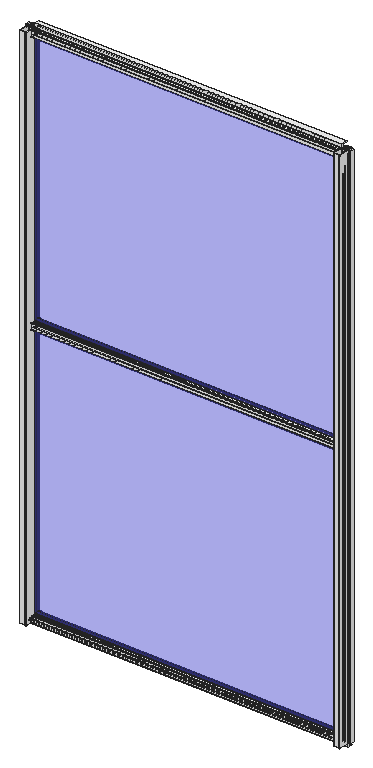
Revit family "Facade_60_Curtain_Wall_S12_Standard", category Windows, host Wall, Revit 2014 (continued)
Definition of nested family "F60 Vertical Profile Side_S12_Std"
  Automatic sketch dimensions
    Extrusion 10 sketch curve to Extrusion 10 sketch curve = 3.2 mm  (x2)
    Extrusion 10 sketch curve to Extrusion 10 sketch curve = 3.031 mm  (x2)
    Extrusion 10 sketch curve to Extrusion 10 sketch curve = 0.6 mm  (x3)
    Extrusion 10 sketch curve to Extrusion 10 sketch curve = 15.584 mm  (x2)
    Extrusion 10 sketch curve to Extrusion 10 sketch curve = 0.808 mm  (x2)
    Extrusion 10 sketch curve to Extrusion 10 sketch curve = 3.038 mm
    Extrusion 10 sketch curve to Extrusion 10 sketch curve = 0.865 mm
    Extrusion 10 sketch curve to Extrusion 10 sketch curve = 1.25 mm  (x5)
    Extrusion 10 sketch curve to Extrusion 10 sketch curve = 0.61 mm
    plane 1 "Center (Front/Back)" to Extrusion 10 sketch curve = 31.288 mm
    Extrusion 10 sketch curve to Extrusion 10 sketch curve = 0.362 mm
    plane 1 "Center (Front/Back)" to Extrusion 10 sketch curve = 31.65 mm
    Extrusion 10 sketch curve to Extrusion 10 sketch curve = 0.962 mm
    Extrusion 10 sketch curve to Extrusion 10 sketch curve = 0.85 mm
    Extrusion 10 sketch curve to Extrusion 10 sketch curve = 0.512 mm  (x2)
    Extrusion 10 sketch curve to Extrusion 10 sketch curve = 0.4 mm  (x2)
    Extrusion 10 sketch curve to Extrusion 10 sketch curve = 1 mm
    Extrusion 10 sketch curve to Extrusion 10 sketch curve = 2.8 mm
    Extrusion 10 sketch curve to Extrusion 10 sketch curve = 0 mm  (x2)
    Extrusion 10 sketch curve to Extrusion 10 sketch curve = 1.4 mm
    Extrusion 10 sketch curve to Extrusion 10 sketch curve = 0.539 mm  (x2)
    plane 1 "Center (Front/Back)" to Extrusion 10 sketch curve = 28.864 mm
    Extrusion 11 sketch curve to plane 3 "Center (Left/Right)" = 0 mm
    plane 3 "Center (Left/Right)" to Extrusion 11 sketch curve = 0.65 mm
    Extrusion 11 sketch curve to Extrusion 11 sketch curve = 0.128 mm  (x2)
    plane 3 "Center (Left/Right)" to Extrusion 11 sketch curve = 1.014 mm
    plane 3 "Center (Left/Right)" to Extrusion 11 sketch curve = 1.05 mm
    Extrusion 11 sketch curve to Extrusion 11 sketch curve = 0.469 mm  (x2)
    Extrusion 11 sketch curve to Extrusion 11 sketch curve = 1.079 mm
    Extrusion 11 sketch curve to Extrusion 11 sketch curve = 1.317 mm  (x2)
    Extrusion 11 sketch curve to Extrusion 11 sketch curve = 0 mm  (x3)
    plane 3 "Center (Left/Right)" to Extrusion 11 sketch curve = 3.85 mm
    Extrusion 11 sketch curve to Extrusion 11 sketch curve = 0.15 mm  (x2)
    Extrusion 11 sketch curve to Extrusion 11 sketch curve = 26 mm  (x2)
    Extrusion 11 sketch curve to Extrusion 11 sketch curve = 1.05 mm
    Extrusion 11 sketch curve to Extrusion 11 sketch curve = 0.707 mm
    Extrusion 11 sketch curve to Extrusion 11 sketch curve = 0.433 mm
    plane 1 "Center (Front/Back)" to Extrusion 11 sketch curve = 31.288 mm
    plane 1 "Center (Front/Back)" to Extrusion 11 sketch curve = 28.065 mm
    Extrusion 11 sketch curve to Extrusion 11 sketch curve = 1.314 mm
    Extrusion 11 sketch curve to Extrusion 11 sketch curve = 0.65 mm
    Extrusion 11 sketch curve to Extrusion 11 sketch curve = 0.5 mm  (x2)
    plane 1 "Center (Front/Back)" to Extrusion 11 sketch curve = 32.75 mm
    Extrusion 11 sketch curve to Extrusion 11 sketch curve = 0.1 mm  (x3)
    Extrusion 11 sketch curve to Extrusion 11 sketch curve = 1.1 mm  (x2)
    Extrusion 11 sketch curve to Extrusion 11 sketch curve = 8.608 mm
    Extrusion 11 sketch curve to Extrusion 11 sketch curve = 0.962 mm
    Extrusion 12 sketch curve to plane 3 "Center (Left/Right)" = 21.349 mm
    Extrusion 12 sketch curve to Extrusion 12 sketch curve = 6.35 mm
    plane 3 "Center (Left/Right)" to Extrusion 12 sketch curve = 10.403 mm
    plane 1 "Center (Front/Back)" to Extrusion 12 sketch curve = 35.567 mm
    plane 1 "Center (Front/Back)" to Extrusion 12 sketch curve = 10.171 mm
    plane 1 "Center (Front/Back)" to Extrusion 12 sketch curve = 3.821 mm
    Extrusion 13 sketch curve to plane 3 "Center (Left/Right)" = 21.35 mm
    Extrusion 13 sketch curve to Extrusion 13 sketch curve = 6.35 mm
    plane 3 "Center (Left/Right)" to Extrusion 13 sketch curve = 10.402 mm
    plane 1 "Center (Front/Back)" to Extrusion 13 sketch curve = 33.172 mm
    plane 1 "Center (Front/Back)" to Extrusion 13 sketch curve = 7.775 mm
    plane 1 "Center (Front/Back)" to Extrusion 13 sketch curve = 1.425 mm
    Extrusion 14 sketch curve to plane 3 "Center (Left/Right)" = 0 mm
    plane 3 "Center (Left/Right)" to Extrusion 14 sketch curve = 1.2 mm
    Extrusion 14 sketch curve to Extrusion 14 sketch curve = 9.6 mm
    Extrusion 14 sketch curve to Extrusion 14 sketch curve = 1.2 mm  (x3)
    plane 1 "Center (Front/Back)" to Extrusion 14 sketch curve = 25.775 mm
    plane 1 "Center (Front/Back)" to Extrusion 14 sketch curve = 8.975 mm
    curve 4 to Extrusion 6 = 0 mm
    curve 3 to Extrusion 6 = 0 mm
    curve 1 to Extrusion 6 = 0 mm
    curve 4 to Extrusion 6 = 3.6 mm
    curve 3 to Extrusion 6 = 3.6 mm
    curve 1 to Extrusion 6 = 3.6 mm
    Extrusion 6 to curve 2 = 1 mm
    Extrusion 6 to curve 5 = 1 mm
    Extrusion 6 to curve 6 = 1 mm
    curve 6 to Extrusion 6 = 1 mm
    curve 5 to Extrusion 6 = 1 mm
    curve 2 to Extrusion 6 = 1 mm
    curve 9 to Extrusion 6 = 0 mm
    curve 8 to Extrusion 6 = 0 mm
    curve 7 to Extrusion 6 = 0 mm
    Extrusion 6 to curve 8 = 3.6 mm
    Extrusion 6 to curve 9 = 3.6 mm
    Extrusion 6 to curve 7 = 3.6 mm
    curve 12 to Extrusion 5 = 25.894 mm
    curve 11 to Extrusion 5 = 25.894 mm
    curve 10 to Extrusion 5 = 25.894 mm
    curve 10 to Extrusion 5 = 0.108 mm
    Extrusion 5 to curve 12 = 0.703 mm
    Extrusion 5 to curve 11 = 0.703 mm
    curve 13 to Extrusion 5 = 4 mm
    curve 14 to Extrusion 5 = 4 mm
    curve 15 to Extrusion 5 = 4 mm
    Extrusion 5 to curve 15 = 0.702 mm
    Extrusion 5 to curve 14 = 0.702 mm
    Extrusion 5 to curve 13 = 0.702 mm
    curve 18 to Extrusion 7 = 0 mm
    curve 17 to Extrusion 7 = 0 mm
    curve 16 to Extrusion 7 = 0 mm
    Extrusion 7 to curve 17 = 3.6 mm
    Extrusion 7 to curve 18 = 3.6 mm
    Extrusion 7 to curve 16 = 3.6 mm
    Extrusion 7 to curve 21 = 1 mm  (x2)
    Extrusion 7 to curve 20 = 1 mm  (x2)
    Extrusion 7 to curve 19 = 1 mm  (x2)
    curve 24 to Extrusion 7 = 0 mm
    curve 23 to Extrusion 7 = 0 mm
    curve 22 to Extrusion 7 = 0 mm
    curve 24 to Extrusion 7 = 3.6 mm
    curve 23 to Extrusion 7 = 3.6 mm
    curve 22 to Extrusion 7 = 3.6 mm
    curve 27 to Extrusion 8 = 0 mm
    curve 26 to Extrusion 8 = 0 mm
    curve 25 to Extrusion 8 = 0 mm
    Extrusion 8 to curve 26 = 3.6 mm
    Extrusion 8 to curve 27 = 3.6 mm
    Extrusion 8 to curve 25 = 3.6 mm
    Extrusion 8 to curve 30 = 0.221 mm
    Extrusion 8 to curve 29 = 0.221 mm
    Extrusion 8 to curve 28 = 0.221 mm
    curve 29 to Extrusion 8 = 0.222 mm
    curve 30 to Extrusion 8 = 0.222 mm
    curve 28 to Extrusion 8 = 0.222 mm
    curve 33 to Extrusion 8 = 0 mm
    curve 32 to Extrusion 8 = 0 mm
    curve 31 to Extrusion 8 = 0 mm
    curve 33 to Extrusion 8 = 3.6 mm
    curve 32 to Extrusion 8 = 3.6 mm
    curve 31 to Extrusion 8 = 3.6 mm
    curve 34 to Extrusion 11 = 4.016 mm
    curve 35 to Extrusion 11 = 4.016 mm
    curve 36 to Extrusion 11 = 3.97 mm
    Extrusion 11 to curve 36 = 0.637 mm
    Extrusion 11 to curve 35 = 0.637 mm
    Extrusion 11 to curve 34 = 0.637 mm
    curve 37 to Extrusion 11 = 29.221 mm
    curve 38 to Extrusion 11 = 29.221 mm
    curve 39 to Extrusion 11 = 29.221 mm
    Extrusion 11 to curve 39 = 3.222 mm
    Extrusion 11 to curve 38 = 3.222 mm
    Extrusion 11 to curve 37 = 3.222 mm
Definition of nested family "F60 Horizontal Profile Top_S12_Std"
  Parameters (values of type "F60 Horizontal Profile Top")
    Thermal Break Material [instance] = none
    Single Glazing [instance] = yes
    Profile Material [instance] = none
    Length [instance] = 250 mm
    Double Glazing [instance] = yes
  Reference planes
    plane 1 "Center (Front/Back)": y = 0
    plane 2: z = 0
    plane 3 "Center (Left/Right)": x = 0
  Forms (mm)
    Extrusion 1, solid, material <- "Profile Material"
      sketch origin (0, 0, 0) x (0, 1, 0) y (0, 0, 1)
        loop
          line (-9.94, 7.845) -> (-8.37, 6.275) -> (-1.2, 10.415) -> (-1.2, 1.2) -> (-5, 1.2) -> (-5, 0) -> (-1, 0)
          arc (-1, 0) -> (-0.293, 0.293) -> (0, 1) r 1
          line (0, 1) -> (0, 30) -> (0, 59)
          arc (0, 59) -> (-0.293, 59.707) -> (-1, 60) r 1
          line (-1, 60) -> (-5, 60) -> (-5, 58.8) -> (-1.2, 58.8) -> (-1.2, 49.585) -> (-8.37, 53.725) -> (-9.94, 52.155)
          arc (-9.94, 52.155) -> (-9.902, 51.269) -> (-9.016, 51.232) r 0.655
          line (-9.016, 51.232) -> (-8.077, 52.17) -> (-1.2, 48.2) -> (-1.2, 30) -> (-1.2, 11.8) -> (-8.077, 7.83) -> (-9.016, 8.768)
          arc (-9.016, 8.768) -> (-9.902, 8.731) -> (-9.94, 7.845) r 0.655
      from 0 to 250 <- "Length"
    Extrusion 2, solid, material <- "Profile Material"
      sketch origin (0, 0, 0) x (0, 1, 0) y (0, 0, 1)
        loop
          line (-5, 60) -> (-44.6, 60) -> (-44.6, 58.35) -> (-39.944, 58.35) -> (-39.944, 1.65) -> (-44.6, 1.65) -> (-44.6, 0) -> (-5, 0) -> (-5, 2.2) -> (-4.2, 2.2) -> (-4.2, 3.018)
          arc (-4.2, 3.018) -> (-4.352, 3.783) -> (-4.786, 4.432) r 2
          line (-4.786, 4.432) -> (-7.054, 6.7) -> (-8, 6.489) -> (-8, 5.7) -> (-7.205, 5.7) -> (-7.205, 2.95) -> (-8, 2.95) -> (-8, 1.95) -> (-12.752, 1.95) -> (-12.752, 6.7) -> (-14.152, 6.7) -> (-14.152, 1.65) -> (-38.65, 1.65) -> (-38.65, 8.33) -> (-37.097, 8.33) -> (-34.666, 6.973)
          arc (-34.666, 6.973) -> (-33.846, 7.192) -> (-34.066, 8.012) r 0.6
          line (-34.066, 8.012) -> (-37.128, 9.78) -> (-38.65, 9.78) -> (-38.65, 12.65) -> (-37.6, 13.7) -> (-37.6, 20.3) -> (-38.65, 21.35) -> (-38.65, 38.65) -> (-37.6, 39.7) -> (-37.6, 46.3) -> (-38.65, 47.35) -> (-38.65, 50.22) -> (-37.128, 50.22) -> (-34.066, 51.988)
          arc (-34.066, 51.988) -> (-33.846, 52.808) -> (-34.666, 53.027) r 0.6
          line (-34.666, 53.027) -> (-37.032, 51.661) -> (-38.65, 51.661) -> (-38.65, 58.35) -> (-14.152, 58.35) -> (-14.152, 53.3) -> (-12.752, 53.3) -> (-12.752, 58.05) -> (-8, 58.05) -> (-8, 57.05) -> (-7.205, 57.05) -> (-7.205, 54.3) -> (-8, 54.3) -> (-8, 53.511) -> (-7.054, 53.3) -> (-4.786, 55.568)
          arc (-4.786, 55.568) -> (-4.352, 56.217) -> (-4.2, 56.982) r 2
          line (-4.2, 56.982) -> (-4.2, 57.8) -> (-5, 57.8) -> (-5, 60)
      from 0 to 250 <- "Length"
    Extrusion 3, solid, material <- "Thermal Break Material"
      sketch origin (0, 0, 0) x (0, 1, 0) y (0, 0, 1)
        loop
          line (-40, 1.75) -> (-40, 30) -> (-40, 58.25) -> (-44.6, 58.25) -> (-44.6, 60) -> (-45.9, 60) -> (-45.9, 53.65) -> (-41.788, 53.65)
          arc (-41.788, 53.65) -> (-41.363, 53.474) -> (-41.187, 53.05) r 0.6
          line (-41.187, 53.05) -> (-41.187, 30) -> (-41.187, 6.95)
          arc (-41.187, 6.95) -> (-41.363, 6.526) -> (-41.788, 6.35) r 0.6
          line (-41.788, 6.35) -> (-45.9, 6.35) -> (-45.9, 0) -> (-44.6, 0) -> (-44.6, 1.75) -> (-40, 1.75)
      from 0 to 250 <- "Length"
    Extrusion 4, solid, material <- "Profile Material"
      sketch origin (0, 0, 0) x (0, 1, 0) y (0, 0, 1)
        loop
          line (-58.5, 25.249) -> (-43.6, 25.249)
          arc (-43.6, 25.249) -> (-43.034, 25.015) -> (-42.8, 24.449) r 0.8
          line (-42.8, 24.449) -> (-42.8, 7.9) -> (-44.4, 7.9) -> (-44.4, 9.45) -> (-45.25, 9.45)
          arc (-45.25, 9.45) -> (-45.674, 9.274) -> (-45.85, 8.85) r 0.6
          line (-45.85, 8.85) -> (-45.85, 7.9) -> (-48.8, 7.9)
          arc (-48.8, 7.9) -> (-49.3, 8.4) -> (-49.8, 7.9) r 0.5
          line (-49.8, 7.9) -> (-49.8, 5.55) -> (-48.65, 5.55) -> (-48.65, 6.7) -> (-47.35, 6.7) -> (-47.35, 1.2) -> (-48.65, 1.2) -> (-48.65, 2.35) -> (-49.8, 2.35) -> (-49.8, 0.5)
          arc (-49.8, 0.5) -> (-49.654, 0.146) -> (-49.3, 0) r 0.5
          line (-49.3, 0) -> (-45.9, 0) -> (-45.9, 6.45) -> (-42.2, 6.45)
          arc (-42.2, 6.45) -> (-41.634, 6.684) -> (-41.4, 7.25) r 0.8
          line (-41.4, 7.25) -> (-41.4, 30) -> (-41.4, 52.75)
          arc (-41.4, 52.75) -> (-41.634, 53.316) -> (-42.2, 53.55) r 0.8
          line (-42.2, 53.55) -> (-45.9, 53.55) -> (-45.9, 60) -> (-49.3, 60)
          arc (-49.3, 60) -> (-49.654, 59.854) -> (-49.8, 59.5) r 0.5
          line (-49.8, 59.5) -> (-49.8, 57.65) -> (-48.65, 57.65) -> (-48.65, 58.8) -> (-47.35, 58.8) -> (-47.35, 53.3) -> (-48.65, 53.3) -> (-48.65, 54.45) -> (-49.8, 54.45) -> (-49.8, 52.1)
          arc (-49.8, 52.1) -> (-49.3, 51.6) -> (-48.8, 52.1) r 0.5
          line (-48.8, 52.1) -> (-45.85, 52.1) -> (-45.85, 51.15)
          arc (-45.85, 51.15) -> (-45.674, 50.726) -> (-45.25, 50.55) r 0.6
          line (-45.25, 50.55) -> (-44.4, 50.55) -> (-44.4, 52.1) -> (-42.8, 52.1) -> (-42.8, 35.551)
          arc (-42.8, 35.551) -> (-43.034, 34.985) -> (-43.6, 34.751) r 0.8
          line (-43.6, 34.751) -> (-58.5, 34.751)
          arc (-58.5, 34.751) -> (-59.066, 34.516) -> (-59.3, 33.951) r 0.8
          line (-59.3, 33.951) -> (-59.3, 32.902) -> (-42.8, 32.902) -> (-42.8, 27.1) -> (-59.3, 27.1) -> (-59.3, 26.049)
          arc (-59.3, 26.049) -> (-59.066, 25.484) -> (-58.5, 25.249) r 0.8
      from 0 to 250 <- "Length"
    Extrusion 5, solid, material <- "Thermal Break Material", visible <- "Single Glazing"
      sketch origin (0, 0, 0) x (0, 1, 0) y (0, 0, 1)
        loop
          arc (-63.8, 25.751) -> (-63.654, 25.397) -> (-63.3, 25.251) r 0.5
          line (-63.3, 25.251) -> (-59.8, 25.251)
          arc (-59.8, 25.251) -> (-59.446, 25.397) -> (-59.3, 25.751) r 0.5
          line (-59.3, 25.751) -> (-59.3, 27.648) -> (-49.599, 27.648) -> (-47.528, 28.651)
          arc (-47.528, 28.651) -> (-46.803, 30.001) -> (-47.528, 31.351) r 1.62
          line (-47.528, 31.351) -> (-49.599, 32.353) -> (-59.3, 32.353) -> (-59.3, 34.251)
          arc (-59.3, 34.251) -> (-59.446, 34.604) -> (-59.8, 34.751) r 0.5
          line (-59.8, 34.751) -> (-63.3, 34.751)
          arc (-63.3, 34.751) -> (-63.654, 34.604) -> (-63.8, 34.251) r 0.5
          line (-63.8, 34.251) -> (-63.8, 32.328) -> (-62.4, 31.52) -> (-62.4, 28.483) -> (-63.8, 27.673) -> (-63.8, 25.751)
        loop
          line (-59.794, 28.506) -> (-59.006, 29.294)
          arc (-59.006, 29.294) -> (-58.788, 29.618) -> (-58.713, 30.001) r 0.986
          arc (-58.713, 30.001) -> (-58.79, 30.384) -> (-59.008, 30.71) r 1.007
          line (-59.008, 30.71) -> (-59.794, 31.496) -> (-60.65, 31.496)
          arc (-60.65, 31.496) -> (-61.004, 31.349) -> (-61.15, 30.996) r 0.5
          line (-61.15, 30.996) -> (-61.15, 29.006)
          arc (-61.15, 29.006) -> (-61.004, 28.652) -> (-60.65, 28.506) r 0.5
          line (-60.65, 28.506) -> (-59.794, 28.506)
        loop
          line (-47.854, 30.898) -> (-49.415, 31.653) -> (-56.782, 31.653)
          arc (-56.782, 31.653) -> (-57.207, 31.417) -> (-57.23, 30.932) r 0.5
          arc (-57.23, 30.932) -> (-57.013, 30.001) -> (-57.23, 29.07) r 2.099
          arc (-57.23, 29.07) -> (-57.207, 28.584) -> (-56.782, 28.348) r 0.5
          line (-56.782, 28.348) -> (-49.415, 28.348) -> (-48.055, 29.007)
          arc (-48.055, 29.007) -> (-47.35, 29.888) -> (-47.854, 30.898) r 1.047
      from 0 to 250 <- "Length"
    Extrusion 6, solid, material <- "Profile Material", visible <- "Single Glazing"
      sketch origin (0, 0, 0) x (0, 1, 0) y (0, 0, 1)
        loop
          line (-63.8, 52.694) -> (-64.8, 52.694) -> (-64.8, 51.544) -> (-66.05, 51.544) -> (-66.05, 57.044) -> (-64.8, 57.044) -> (-64.8, 55.894) -> (-63.8, 55.894) -> (-63.8, 58.294)
          arc (-63.8, 58.294) -> (-64.082, 58.803) -> (-64.664, 58.835) r 0.6
          line (-64.664, 58.835) -> (-66.562, 57.91) -> (-67.088, 58.988) -> (-68.05, 58.519) -> (-68.05, 48.513)
          arc (-68.05, 48.513) -> (-67.874, 48.089) -> (-67.45, 47.913) r 0.6
          line (-67.45, 47.913) -> (-66.6, 47.913) -> (-66.6, 12.09) -> (-67.45, 12.09)
          arc (-67.45, 12.09) -> (-67.874, 11.914) -> (-68.05, 11.49) r 0.6
          line (-68.05, 11.49) -> (-68.05, 1.485) -> (-67.088, 1.016) -> (-66.562, 2.095) -> (-64.663, 1.169)
          arc (-64.663, 1.169) -> (-64.082, 1.2) -> (-63.8, 1.709) r 0.6
          line (-63.8, 1.709) -> (-63.8, 4.109) -> (-64.8, 4.109) -> (-64.8, 2.959) -> (-66.05, 2.959) -> (-66.05, 8.459) -> (-64.8, 8.459) -> (-64.8, 7.309) -> (-63.8, 7.309) -> (-63.8, 27.674) -> (-62.4, 28.483) -> (-62.4, 31.521) -> (-63.8, 32.329) -> (-63.8, 52.694)
      from 0 to 250 <- "Length"
    Extrusion 7, solid, material <- "Profile Material", visible <- "Single Glazing"
      sketch origin (0, 0, 0) x (0, 1, 0) y (0, 0, 1)
        loop
          line (-68.551, 3.3) -> (-76.559, 3.3) -> (-76.559, 30) -> (-76.559, 56.15)
          arc (-76.559, 56.15) -> (-75.739, 58.13) -> (-73.759, 58.95) r 2.8
          line (-73.759, 58.95) -> (-69.151, 58.95) -> (-69.151, 57.2)
          arc (-69.151, 57.2) -> (-68.987, 56.829) -> (-68.601, 56.703) r 0.5
          arc (-68.601, 56.703) -> (-68.216, 56.829) -> (-68.051, 57.2) r 0.5
          line (-68.051, 57.2) -> (-68.051, 58.517) -> (-67.089, 58.986) -> (-66.563, 57.907) -> (-63.866, 59.222)
          arc (-63.866, 59.222) -> (-64.001, 59.762) -> (-64.504, 60) r 0.65
          line (-64.504, 60) -> (-73.859, 60)
          arc (-73.859, 60) -> (-76.687, 58.828) -> (-77.859, 56) r 4
          line (-77.859, 56) -> (-77.859, 30) -> (-77.859, 2.493)
          arc (-77.859, 2.493) -> (-77.197, 0.799) -> (-75.562, 0.002) r 2.5
          arc (-75.562, 0.002) -> (-75.182, 0.132) -> (-75.021, 0.5) r 0.5
          line (-75.021, 0.5) -> (-75.021, 2) -> (-69.151, 2) -> (-69.151, 0.5)
          arc (-69.151, 0.5) -> (-69.005, 0.146) -> (-68.651, 0) r 0.5
          line (-68.651, 0) -> (-64.504, 0)
          arc (-64.504, 0) -> (-64.001, 0.238) -> (-63.866, 0.778) r 0.65
          line (-63.866, 0.778) -> (-66.563, 2.093) -> (-67.089, 1.014) -> (-68.051, 1.483) -> (-68.051, 2.8)
          arc (-68.051, 2.8) -> (-68.198, 3.154) -> (-68.551, 3.3) r 0.5
      from 0 to 250 <- "Length"
    Extrusion 8, solid, material <- "Thermal Break Material", visible <- "Double Glazing"
      sketch origin (0, 0, 0) x (0, 1, 0) y (0, 0, 1)
        loop
          line (-77.8, 27.673) -> (-77.8, 25.751)
          arc (-77.8, 25.751) -> (-77.654, 25.397) -> (-77.3, 25.251) r 0.5
          line (-77.3, 25.251) -> (-59.8, 25.251)
          arc (-59.8, 25.251) -> (-59.446, 25.397) -> (-59.3, 25.751) r 0.5
          line (-59.3, 25.751) -> (-59.3, 27.647) -> (-49.599, 27.647) -> (-47.528, 28.649)
          arc (-47.528, 28.649) -> (-46.803, 29.999) -> (-47.528, 31.349) r 1.62
          line (-47.528, 31.349) -> (-49.602, 32.353) -> (-59.3, 32.353) -> (-59.3, 34.251)
          arc (-59.3, 34.251) -> (-59.446, 34.604) -> (-59.8, 34.751) r 0.5
          line (-59.8, 34.751) -> (-77.3, 34.751)
          arc (-77.3, 34.751) -> (-77.654, 34.604) -> (-77.8, 34.251) r 0.5
          line (-77.8, 34.251) -> (-77.8, 32.327) -> (-76.4, 31.52) -> (-76.4, 28.482) -> (-77.8, 27.673)
        loop
          line (-59.006, 30.708) -> (-61.156, 32.858)
          arc (-61.156, 32.858) -> (-61.48, 33.074) -> (-61.863, 33.151) r 1
          line (-61.863, 33.151) -> (-73.8, 33.151)
          arc (-73.8, 33.151) -> (-74.507, 32.858) -> (-74.8, 32.151) r 1
          line (-74.8, 32.151) -> (-74.8, 27.851)
          arc (-74.8, 27.851) -> (-74.507, 27.144) -> (-73.8, 26.851) r 1
          line (-73.8, 26.851) -> (-61.863, 26.851)
          arc (-61.863, 26.851) -> (-61.48, 26.927) -> (-61.156, 27.144) r 1
          line (-61.156, 27.144) -> (-59.006, 29.294)
          arc (-59.006, 29.294) -> (-58.788, 29.618) -> (-58.713, 30.001) r 0.986
          arc (-58.713, 30.001) -> (-58.79, 30.383) -> (-59.006, 30.708) r 1.007
        loop
          line (-56.782, 28.347) -> (-49.415, 28.347) -> (-48.055, 29.005)
          arc (-48.055, 29.005) -> (-47.35, 29.887) -> (-47.854, 30.896) r 1.047
          line (-47.854, 30.896) -> (-49.415, 31.652) -> (-56.782, 31.652)
          arc (-56.782, 31.652) -> (-57.207, 31.416) -> (-57.23, 30.93) r 0.5
          arc (-57.23, 30.93) -> (-57.013, 29.999) -> (-57.23, 29.068) r 2.099
          arc (-57.23, 29.068) -> (-57.207, 28.583) -> (-56.782, 28.347) r 0.5
      from 0 to 250 <- "Length"
    Extrusion 9, solid, material <- "Profile Material", visible <- "Double Glazing"
      sketch origin (0, 0, 0) x (0, 1, 0) y (0, 0, 1)
        loop
          line (-77.8, 52.694) -> (-78.8, 52.694) -> (-78.8, 51.544) -> (-80.05, 51.544) -> (-80.05, 57.044) -> (-78.8, 57.044) -> (-78.8, 55.894) -> (-77.8, 55.894) -> (-77.8, 58.294)
          arc (-77.8, 58.294) -> (-78.082, 58.802) -> (-78.664, 58.834) r 0.6
          line (-78.664, 58.834) -> (-80.562, 57.909) -> (-81.088, 58.988) -> (-82.05, 58.518) -> (-82.05, 48.512)
          arc (-82.05, 48.512) -> (-81.874, 48.088) -> (-81.45, 47.912) r 0.6
          line (-81.45, 47.912) -> (-80.6, 47.912) -> (-80.6, 12.089) -> (-81.45, 12.089)
          arc (-81.45, 12.089) -> (-81.874, 11.913) -> (-82.05, 11.489) r 0.6
          line (-82.05, 11.489) -> (-82.05, 1.484) -> (-81.088, 1.015) -> (-80.562, 2.094) -> (-78.663, 1.169)
          arc (-78.663, 1.169) -> (-78.082, 1.199) -> (-77.8, 1.708) r 0.6
          line (-77.8, 1.708) -> (-77.8, 4.108) -> (-78.8, 4.108) -> (-78.8, 2.958) -> (-80.05, 2.958) -> (-80.05, 8.458) -> (-78.8, 8.458) -> (-78.8, 7.308) -> (-77.8, 7.308) -> (-77.8, 27.673) -> (-76.4, 28.482) -> (-76.4, 31.52) -> (-77.8, 32.328) -> (-77.8, 52.694)
      from 0 to 250 <- "Length"
    Extrusion 10, solid, material <- "Profile Material", visible <- "Double Glazing"
      sketch origin (0, 0, 0) x (0, 1, 0) y (0, 0, 1)
        loop
          line (-82.551, 3.3) -> (-90.558, 3.3) -> (-90.558, 30) -> (-90.558, 56.15)
          arc (-90.558, 56.15) -> (-89.738, 58.13) -> (-87.758, 58.95) r 2.8
          line (-87.758, 58.95) -> (-83.151, 58.95) -> (-83.151, 57.2)
          arc (-83.151, 57.2) -> (-82.986, 56.829) -> (-82.601, 56.703) r 0.5
          arc (-82.601, 56.703) -> (-82.215, 56.829) -> (-82.051, 57.2) r 0.5
          line (-82.051, 57.2) -> (-82.051, 58.517) -> (-81.088, 58.986) -> (-80.563, 57.907) -> (-77.866, 59.222)
          arc (-77.866, 59.222) -> (-78, 59.762) -> (-78.503, 60) r 0.65
          line (-78.503, 60) -> (-87.858, 60)
          arc (-87.858, 60) -> (-90.687, 58.828) -> (-91.858, 56) r 4
          line (-91.858, 56) -> (-91.858, 30) -> (-91.858, 2.493)
          arc (-91.858, 2.493) -> (-91.196, 0.799) -> (-89.561, 0.002) r 2.5
          arc (-89.561, 0.002) -> (-89.182, 0.132) -> (-89.021, 0.5) r 0.5
          line (-89.021, 0.5) -> (-89.021, 2) -> (-83.151, 2) -> (-83.151, 0.5)
          arc (-83.151, 0.5) -> (-83.004, 0.146) -> (-82.651, 0) r 0.5
          line (-82.651, 0) -> (-78.503, 0)
          arc (-78.503, 0) -> (-78, 0.238) -> (-77.866, 0.778) r 0.65
          line (-77.866, 0.778) -> (-80.563, 2.093) -> (-81.088, 1.014) -> (-82.051, 1.483) -> (-82.051, 2.8)
          arc (-82.051, 2.8) -> (-82.197, 3.154) -> (-82.551, 3.3) r 0.5
      from 0 to 250 <- "Length"
    Extrusion 11, solid, material <- "Profile Material", visible <- "Double Glazing"
      sketch origin (0, 0, 0) x (0, 1, 0) y (0, 0, 1)
        loop
          line (-57.8, 45.73) -> (-51.8, 45.73) -> (-51.8, 95.73) -> (-101.8, 95.73) -> (-101.8, 89.73) -> (-57.8, 89.73) -> (-57.8, 45.73)
      from 0 to 250 <- "Length"
    Extrusion 12, solid, material <- "Profile Material", visible <- "Double Glazing"
      sketch origin (0, 0, 0) x (0, 1, 0) y (0, 0, 1)
        loop
          line (-75.8, 48) -> (-57.8, 48) -> (-57.8, 60) -> (-75.8, 60) -> (-75.8, 48)
        loop
          line (-74.6, 49.2) -> (-59, 49.2) -> (-59, 58.8) -> (-74.6, 58.8) -> (-74.6, 49.2)
      from 0 to 250 <- "Length"
    Extrusion 13, solid, material <- "Profile Material", visible <- "Single Glazing"
      sketch origin (0, 0, 0) x (0, 1, 0) y (0, 0, 1)
        loop
          line (-59.8, 45.865) -> (-53.8, 45.865) -> (-53.8, 95.865) -> (-103.8, 95.865) -> (-103.8, 89.865) -> (-59.8, 89.865) -> (-59.8, 45.865)
      from 0 to 250 <- "Length"
  Dimensions and locks
    aligned and locked: level to plane 2
Definition of nested family "F60 Sill_S12_Std"
  Parameters (values of type "F60 Sill")
    Profile Material [instance] = none
    Length Sill [instance] = 250 mm
  Reference planes
    plane 1 "Center (Front/Back)": y = 0
    plane 2: z = 0
    plane 3 "Center (Left/Right)": x = 0
  Forms (mm)
    Extrusion 1, solid, material <- "Profile Material"
      sketch origin (0, 0, 0) x (0, 1, 0) y (0, 0, 1)
        loop
          line (-42.734, 5.324) -> (-48.256, 4.643)
          arc (-48.256, 4.643) -> (-49.196, 4.147) -> (-49.572, 3.154) r 1.5
          line (-49.572, 3.154) -> (-49.572, 1.88) -> (-47.772, 1.88) -> (-47.772, 3.191) -> (-19.233, 6.714)
          arc (-19.233, 6.714) -> (-17.924, 7.083) -> (-16.785, 7.826) r 4.5
          line (-16.785, 7.826) -> (-16.785, 1.88) -> (-15.285, 1.88) -> (-15.285, 24.58)
          arc (-15.285, 24.58) -> (-15.109, 25.004) -> (-14.685, 25.18) r 0.6
          line (-14.685, 25.18) -> (-4.072, 25.18) -> (-4.072, 1.88) -> (-2.572, 1.88) -> (-2.572, 29.88) -> (-4.072, 29.88) -> (-4.072, 28.88) -> (-5.222, 28.88) -> (-5.222, 27.68) -> (-4.072, 27.68) -> (-4.072, 26.38) -> (-9.572, 26.38) -> (-9.572, 27.68) -> (-8.422, 27.68) -> (-8.422, 28.88) -> (-10.172, 28.88)
          arc (-10.172, 28.88) -> (-10.597, 28.704) -> (-10.772, 28.28) r 0.6
          line (-10.772, 28.28) -> (-10.772, 26.38) -> (-15.285, 26.38)
          arc (-15.285, 26.38) -> (-16.345, 25.941) -> (-16.785, 24.88) r 1.5
          line (-16.785, 24.88) -> (-16.785, 11.18)
          arc (-16.785, 11.18) -> (-17.537, 9.193) -> (-19.417, 8.203) r 3
          line (-19.417, 8.203) -> (-39.35, 5.742)
          arc (-39.35, 5.742) -> (-40.527, 6.107) -> (-41.034, 7.231) r 1.5
          line (-41.034, 7.231) -> (-41.034, 19.996)
          arc (-41.034, 19.996) -> (-40.883, 20.394) -> (-40.507, 20.592) r 0.6
          line (-40.507, 20.592) -> (-32.917, 21.529)
          arc (-32.917, 21.529) -> (-31.977, 22.024) -> (-31.601, 23.017) r 1.5
          line (-31.601, 23.017) -> (-31.601, 28.88) -> (-33.101, 28.88) -> (-33.101, 23.548)
          arc (-33.101, 23.548) -> (-33.251, 23.15) -> (-33.627, 22.952) r 0.6
          line (-33.627, 22.952) -> (-45.787, 21.451)
          arc (-45.787, 21.451) -> (-46.727, 20.956) -> (-47.104, 19.962) r 1.5
          line (-47.104, 19.962) -> (-47.104, 19.054)
          arc (-47.104, 19.054) -> (-46.957, 18.7) -> (-46.604, 18.554) r 0.5
          line (-46.604, 18.554) -> (-45.604, 18.554) -> (-45.604, 19.962) -> (-42.734, 20.317) -> (-42.734, 5.324)
      from 0 to 250 <- "Length Sill"
  Dimensions and locks
    aligned and locked: level to plane 2
Definition of nested family "F60 Horizontal Profile Bottom_S12_Std"
  Parameters (values of type "F60 Horizontal Profile Bottom")
    Thermal Break Material [instance] = none
    Single Glazing [instance] = yes
    Profile Material [instance] = none
    Length [instance] = 250 mm
    Double Glazing [instance] = yes
  Reference planes
    plane 1 "Center (Front/Back)": y = 0
    plane 2: z = 0
    plane 3 "Center (Left/Right)": x = 0
  Forms (mm)
    Extrusion 1, solid, material <- "Profile Material"
      sketch origin (0, 0, 0) x (0, 1, 0) y (0, 0, 1)
        loop
          line (-9.94, 7.845) -> (-8.37, 6.275) -> (-1.2, 10.415) -> (-1.2, 1.2) -> (-5, 1.2) -> (-5, 0) -> (-1, 0)
          arc (-1, 0) -> (-0.293, 0.293) -> (0, 1) r 1
          line (0, 1) -> (0, 30) -> (0, 59)
          arc (0, 59) -> (-0.293, 59.707) -> (-1, 60) r 1
          line (-1, 60) -> (-5, 60) -> (-5, 58.8) -> (-1.2, 58.8) -> (-1.2, 49.585) -> (-8.37, 53.725) -> (-9.94, 52.155)
          arc (-9.94, 52.155) -> (-9.902, 51.269) -> (-9.016, 51.232) r 0.655
          line (-9.016, 51.232) -> (-8.077, 52.17) -> (-1.2, 48.2) -> (-1.2, 30) -> (-1.2, 11.8) -> (-8.077, 7.83) -> (-9.016, 8.768)
          arc (-9.016, 8.768) -> (-9.902, 8.731) -> (-9.94, 7.845) r 0.655
      from 0 to 250 <- "Length"
    Extrusion 2, solid, material <- "Profile Material"
      sketch origin (0, 0, 0) x (0, 1, 0) y (0, 0, 1)
        loop
          line (-5, 60) -> (-44.6, 60) -> (-44.6, 58.35) -> (-39.944, 58.35) -> (-39.944, 1.65) -> (-44.6, 1.65) -> (-44.6, 0) -> (-5, 0) -> (-5, 2.2) -> (-4.2, 2.2) -> (-4.2, 3.018)
          arc (-4.2, 3.018) -> (-4.352, 3.783) -> (-4.786, 4.432) r 2
          line (-4.786, 4.432) -> (-7.054, 6.7) -> (-8, 6.489) -> (-8, 5.7) -> (-7.205, 5.7) -> (-7.205, 2.95) -> (-8, 2.95) -> (-8, 1.95) -> (-12.752, 1.95) -> (-12.752, 6.7) -> (-14.152, 6.7) -> (-14.152, 1.65) -> (-38.65, 1.65) -> (-38.65, 8.33) -> (-37.097, 8.33) -> (-34.666, 6.973)
          arc (-34.666, 6.973) -> (-33.846, 7.192) -> (-34.066, 8.012) r 0.6
          line (-34.066, 8.012) -> (-37.128, 9.78) -> (-38.65, 9.78) -> (-38.65, 12.65) -> (-37.6, 13.7) -> (-37.6, 20.3) -> (-38.65, 21.35) -> (-38.65, 38.65) -> (-37.6, 39.7) -> (-37.6, 46.3) -> (-38.65, 47.35) -> (-38.65, 50.22) -> (-37.128, 50.22) -> (-34.066, 51.988)
          arc (-34.066, 51.988) -> (-33.846, 52.808) -> (-34.666, 53.027) r 0.6
          line (-34.666, 53.027) -> (-37.032, 51.661) -> (-38.65, 51.661) -> (-38.65, 58.35) -> (-14.152, 58.35) -> (-14.152, 53.3) -> (-12.752, 53.3) -> (-12.752, 58.05) -> (-8, 58.05) -> (-8, 57.05) -> (-7.205, 57.05) -> (-7.205, 54.3) -> (-8, 54.3) -> (-8, 53.511) -> (-7.054, 53.3) -> (-4.786, 55.568)
          arc (-4.786, 55.568) -> (-4.352, 56.217) -> (-4.2, 56.982) r 2
          line (-4.2, 56.982) -> (-4.2, 57.8) -> (-5, 57.8) -> (-5, 60)
      from 0 to 250 <- "Length"
    Extrusion 3, solid, material <- "Thermal Break Material"
      sketch origin (0, 0, 0) x (0, 1, 0) y (0, 0, 1)
        loop
          line (-40, 1.75) -> (-40, 30) -> (-40, 58.25) -> (-44.6, 58.25) -> (-44.6, 60) -> (-45.9, 60) -> (-45.9, 53.65) -> (-41.788, 53.65)
          arc (-41.788, 53.65) -> (-41.363, 53.474) -> (-41.187, 53.05) r 0.6
          line (-41.187, 53.05) -> (-41.187, 30) -> (-41.187, 6.95)
          arc (-41.187, 6.95) -> (-41.363, 6.526) -> (-41.788, 6.35) r 0.6
          line (-41.788, 6.35) -> (-45.9, 6.35) -> (-45.9, 0) -> (-44.6, 0) -> (-44.6, 1.75) -> (-40, 1.75)
      from 0 to 250 <- "Length"
    Extrusion 4, solid, material <- "Profile Material"
      sketch origin (0, 0, 0) x (0, 1, 0) y (0, 0, 1)
        loop
          line (-58.5, 25.249) -> (-43.6, 25.249)
          arc (-43.6, 25.249) -> (-43.034, 25.015) -> (-42.8, 24.449) r 0.8
          line (-42.8, 24.449) -> (-42.8, 7.9) -> (-44.4, 7.9) -> (-44.4, 9.45) -> (-45.25, 9.45)
          arc (-45.25, 9.45) -> (-45.674, 9.274) -> (-45.85, 8.85) r 0.6
          line (-45.85, 8.85) -> (-45.85, 7.9) -> (-48.8, 7.9)
          arc (-48.8, 7.9) -> (-49.3, 8.4) -> (-49.8, 7.9) r 0.5
          line (-49.8, 7.9) -> (-49.8, 5.55) -> (-48.65, 5.55) -> (-48.65, 6.7) -> (-47.35, 6.7) -> (-47.35, 1.2) -> (-48.65, 1.2) -> (-48.65, 2.35) -> (-49.8, 2.35) -> (-49.8, 0.5)
          arc (-49.8, 0.5) -> (-49.654, 0.146) -> (-49.3, 0) r 0.5
          line (-49.3, 0) -> (-45.9, 0) -> (-45.9, 6.45) -> (-42.2, 6.45)
          arc (-42.2, 6.45) -> (-41.634, 6.684) -> (-41.4, 7.25) r 0.8
          line (-41.4, 7.25) -> (-41.4, 30) -> (-41.4, 52.75)
          arc (-41.4, 52.75) -> (-41.634, 53.316) -> (-42.2, 53.55) r 0.8
          line (-42.2, 53.55) -> (-45.9, 53.55) -> (-45.9, 60) -> (-49.3, 60)
          arc (-49.3, 60) -> (-49.654, 59.854) -> (-49.8, 59.5) r 0.5
          line (-49.8, 59.5) -> (-49.8, 57.65) -> (-48.65, 57.65) -> (-48.65, 58.8) -> (-47.35, 58.8) -> (-47.35, 53.3) -> (-48.65, 53.3) -> (-48.65, 54.45) -> (-49.8, 54.45) -> (-49.8, 52.1)
          arc (-49.8, 52.1) -> (-49.3, 51.6) -> (-48.8, 52.1) r 0.5
          line (-48.8, 52.1) -> (-45.85, 52.1) -> (-45.85, 51.15)
          arc (-45.85, 51.15) -> (-45.674, 50.726) -> (-45.25, 50.55) r 0.6
          line (-45.25, 50.55) -> (-44.4, 50.55) -> (-44.4, 52.1) -> (-42.8, 52.1) -> (-42.8, 35.551)
          arc (-42.8, 35.551) -> (-43.034, 34.985) -> (-43.6, 34.751) r 0.8
          line (-43.6, 34.751) -> (-58.5, 34.751)
          arc (-58.5, 34.751) -> (-59.066, 34.516) -> (-59.3, 33.951) r 0.8
          line (-59.3, 33.951) -> (-59.3, 32.902) -> (-42.8, 32.902) -> (-42.8, 27.1) -> (-59.3, 27.1) -> (-59.3, 26.049)
          arc (-59.3, 26.049) -> (-59.066, 25.484) -> (-58.5, 25.249) r 0.8
      from 0 to 250 <- "Length"
    Extrusion 5, solid, material <- "Thermal Break Material", visible <- "Single Glazing"
      sketch origin (0, 0, 0) x (0, 1, 0) y (0, 0, 1)
        loop
          arc (-63.8, 25.751) -> (-63.654, 25.397) -> (-63.3, 25.251) r 0.5
          line (-63.3, 25.251) -> (-59.8, 25.251)
          arc (-59.8, 25.251) -> (-59.446, 25.397) -> (-59.3, 25.751) r 0.5
          line (-59.3, 25.751) -> (-59.3, 27.648) -> (-49.599, 27.648) -> (-47.528, 28.651)
          arc (-47.528, 28.651) -> (-46.803, 30.001) -> (-47.528, 31.351) r 1.62
          line (-47.528, 31.351) -> (-49.599, 32.353) -> (-59.3, 32.353) -> (-59.3, 34.251)
          arc (-59.3, 34.251) -> (-59.446, 34.604) -> (-59.8, 34.751) r 0.5
          line (-59.8, 34.751) -> (-63.3, 34.751)
          arc (-63.3, 34.751) -> (-63.654, 34.604) -> (-63.8, 34.251) r 0.5
          line (-63.8, 34.251) -> (-63.8, 32.328) -> (-62.4, 31.52) -> (-62.4, 28.483) -> (-63.8, 27.673) -> (-63.8, 25.751)
        loop
          line (-59.794, 28.506) -> (-59.006, 29.294)
          arc (-59.006, 29.294) -> (-58.788, 29.618) -> (-58.713, 30.001) r 0.986
          arc (-58.713, 30.001) -> (-58.79, 30.384) -> (-59.008, 30.71) r 1.007
          line (-59.008, 30.71) -> (-59.794, 31.496) -> (-60.65, 31.496)
          arc (-60.65, 31.496) -> (-61.004, 31.349) -> (-61.15, 30.996) r 0.5
          line (-61.15, 30.996) -> (-61.15, 29.006)
          arc (-61.15, 29.006) -> (-61.004, 28.652) -> (-60.65, 28.506) r 0.5
          line (-60.65, 28.506) -> (-59.794, 28.506)
        loop
          line (-47.854, 30.898) -> (-49.415, 31.653) -> (-56.782, 31.653)
          arc (-56.782, 31.653) -> (-57.207, 31.417) -> (-57.23, 30.932) r 0.5
          arc (-57.23, 30.932) -> (-57.013, 30.001) -> (-57.23, 29.07) r 2.099
          arc (-57.23, 29.07) -> (-57.207, 28.584) -> (-56.782, 28.348) r 0.5
          line (-56.782, 28.348) -> (-49.415, 28.348) -> (-48.055, 29.007)
          arc (-48.055, 29.007) -> (-47.35, 29.888) -> (-47.854, 30.898) r 1.047
      from 0 to 250 <- "Length"
    Extrusion 6, solid, material <- "Profile Material", visible <- "Single Glazing"
      sketch origin (0, 0, 0) x (0, 1, 0) y (0, 0, 1)
        loop
          line (-63.8, 52.694) -> (-64.8, 52.694) -> (-64.8, 51.544) -> (-66.05, 51.544) -> (-66.05, 57.044) -> (-64.8, 57.044) -> (-64.8, 55.894) -> (-63.8, 55.894) -> (-63.8, 58.294)
          arc (-63.8, 58.294) -> (-64.082, 58.803) -> (-64.664, 58.835) r 0.6
          line (-64.664, 58.835) -> (-66.562, 57.91) -> (-67.088, 58.988) -> (-68.05, 58.519) -> (-68.05, 48.513)
          arc (-68.05, 48.513) -> (-67.874, 48.089) -> (-67.45, 47.913) r 0.6
          line (-67.45, 47.913) -> (-66.6, 47.913) -> (-66.6, 12.09) -> (-67.45, 12.09)
          arc (-67.45, 12.09) -> (-67.874, 11.914) -> (-68.05, 11.49) r 0.6
          line (-68.05, 11.49) -> (-68.05, 1.485) -> (-67.088, 1.016) -> (-66.562, 2.095) -> (-64.663, 1.169)
          arc (-64.663, 1.169) -> (-64.082, 1.2) -> (-63.8, 1.709) r 0.6
          line (-63.8, 1.709) -> (-63.8, 4.109) -> (-64.8, 4.109) -> (-64.8, 2.959) -> (-66.05, 2.959) -> (-66.05, 8.459) -> (-64.8, 8.459) -> (-64.8, 7.309) -> (-63.8, 7.309) -> (-63.8, 27.674) -> (-62.4, 28.483) -> (-62.4, 31.521) -> (-63.8, 32.329) -> (-63.8, 52.694)
      from 0 to 250 <- "Length"
    Extrusion 7, solid, material <- "Profile Material", visible <- "Single Glazing"
      sketch origin (0, 0, 0) x (0, 1, 0) y (0, 0, 1)
        loop
          line (-68.551, 3.3) -> (-76.559, 3.3) -> (-76.559, 30) -> (-76.559, 56.15)
          arc (-76.559, 56.15) -> (-75.739, 58.13) -> (-73.759, 58.95) r 2.8
          line (-73.759, 58.95) -> (-69.151, 58.95) -> (-69.151, 57.2)
          arc (-69.151, 57.2) -> (-68.987, 56.829) -> (-68.601, 56.703) r 0.5
          arc (-68.601, 56.703) -> (-68.216, 56.829) -> (-68.051, 57.2) r 0.5
          line (-68.051, 57.2) -> (-68.051, 58.517) -> (-67.089, 58.986) -> (-66.563, 57.907) -> (-63.866, 59.222)
          arc (-63.866, 59.222) -> (-64.001, 59.762) -> (-64.504, 60) r 0.65
          line (-64.504, 60) -> (-73.859, 60)
          arc (-73.859, 60) -> (-76.687, 58.828) -> (-77.859, 56) r 4
          line (-77.859, 56) -> (-77.859, 30) -> (-77.859, 2.493)
          arc (-77.859, 2.493) -> (-77.197, 0.799) -> (-75.562, 0.002) r 2.5
          arc (-75.562, 0.002) -> (-75.182, 0.132) -> (-75.021, 0.5) r 0.5
          line (-75.021, 0.5) -> (-75.021, 2) -> (-69.151, 2) -> (-69.151, 0.5)
          arc (-69.151, 0.5) -> (-69.005, 0.146) -> (-68.651, 0) r 0.5
          line (-68.651, 0) -> (-64.504, 0)
          arc (-64.504, 0) -> (-64.001, 0.238) -> (-63.866, 0.778) r 0.65
          line (-63.866, 0.778) -> (-66.563, 2.093) -> (-67.089, 1.014) -> (-68.051, 1.483) -> (-68.051, 2.8)
          arc (-68.051, 2.8) -> (-68.198, 3.154) -> (-68.551, 3.3) r 0.5
      from 0 to 250 <- "Length"
    Extrusion 8, solid, material <- "Thermal Break Material", visible <- "Double Glazing"
      sketch origin (0, 0, 0) x (0, 1, 0) y (0, 0, 1)
        loop
          line (-77.8, 27.673) -> (-77.8, 25.751)
          arc (-77.8, 25.751) -> (-77.654, 25.397) -> (-77.3, 25.251) r 0.5
          line (-77.3, 25.251) -> (-59.8, 25.251)
          arc (-59.8, 25.251) -> (-59.446, 25.397) -> (-59.3, 25.751) r 0.5
          line (-59.3, 25.751) -> (-59.3, 27.647) -> (-49.599, 27.647) -> (-47.528, 28.649)
          arc (-47.528, 28.649) -> (-46.803, 29.999) -> (-47.528, 31.349) r 1.62
          line (-47.528, 31.349) -> (-49.602, 32.353) -> (-59.3, 32.353) -> (-59.3, 34.251)
          arc (-59.3, 34.251) -> (-59.446, 34.604) -> (-59.8, 34.751) r 0.5
          line (-59.8, 34.751) -> (-77.3, 34.751)
          arc (-77.3, 34.751) -> (-77.654, 34.604) -> (-77.8, 34.251) r 0.5
          line (-77.8, 34.251) -> (-77.8, 32.327) -> (-76.4, 31.52) -> (-76.4, 28.482) -> (-77.8, 27.673)
        loop
          line (-59.006, 30.708) -> (-61.156, 32.858)
          arc (-61.156, 32.858) -> (-61.48, 33.074) -> (-61.863, 33.151) r 1
          line (-61.863, 33.151) -> (-73.8, 33.151)
          arc (-73.8, 33.151) -> (-74.507, 32.858) -> (-74.8, 32.151) r 1
          line (-74.8, 32.151) -> (-74.8, 27.851)
          arc (-74.8, 27.851) -> (-74.507, 27.144) -> (-73.8, 26.851) r 1
          line (-73.8, 26.851) -> (-61.863, 26.851)
          arc (-61.863, 26.851) -> (-61.48, 26.927) -> (-61.156, 27.144) r 1
          line (-61.156, 27.144) -> (-59.006, 29.294)
          arc (-59.006, 29.294) -> (-58.788, 29.618) -> (-58.713, 30.001) r 0.986
          arc (-58.713, 30.001) -> (-58.79, 30.383) -> (-59.006, 30.708) r 1.007
        loop
          line (-56.782, 28.347) -> (-49.415, 28.347) -> (-48.055, 29.005)
          arc (-48.055, 29.005) -> (-47.35, 29.887) -> (-47.854, 30.896) r 1.047
          line (-47.854, 30.896) -> (-49.415, 31.652) -> (-56.782, 31.652)
          arc (-56.782, 31.652) -> (-57.207, 31.416) -> (-57.23, 30.93) r 0.5
          arc (-57.23, 30.93) -> (-57.013, 29.999) -> (-57.23, 29.068) r 2.099
          arc (-57.23, 29.068) -> (-57.207, 28.583) -> (-56.782, 28.347) r 0.5
      from 0 to 250 <- "Length"
    Extrusion 9, solid, material <- "Profile Material", visible <- "Double Glazing"
      sketch origin (0, 0, 0) x (0, 1, 0) y (0, 0, 1)
        loop
          line (-77.8, 52.694) -> (-78.8, 52.694) -> (-78.8, 51.544) -> (-80.05, 51.544) -> (-80.05, 57.044) -> (-78.8, 57.044) -> (-78.8, 55.894) -> (-77.8, 55.894) -> (-77.8, 58.294)
          arc (-77.8, 58.294) -> (-78.082, 58.802) -> (-78.664, 58.834) r 0.6
          line (-78.664, 58.834) -> (-80.562, 57.909) -> (-81.088, 58.988) -> (-82.05, 58.518) -> (-82.05, 48.512)
          arc (-82.05, 48.512) -> (-81.874, 48.088) -> (-81.45, 47.912) r 0.6
          line (-81.45, 47.912) -> (-80.6, 47.912) -> (-80.6, 12.089) -> (-81.45, 12.089)
          arc (-81.45, 12.089) -> (-81.874, 11.913) -> (-82.05, 11.489) r 0.6
          line (-82.05, 11.489) -> (-82.05, 1.484) -> (-81.088, 1.015) -> (-80.562, 2.094) -> (-78.663, 1.169)
          arc (-78.663, 1.169) -> (-78.082, 1.199) -> (-77.8, 1.708) r 0.6
          line (-77.8, 1.708) -> (-77.8, 4.108) -> (-78.8, 4.108) -> (-78.8, 2.958) -> (-80.05, 2.958) -> (-80.05, 8.458) -> (-78.8, 8.458) -> (-78.8, 7.308) -> (-77.8, 7.308) -> (-77.8, 27.673) -> (-76.4, 28.482) -> (-76.4, 31.52) -> (-77.8, 32.328) -> (-77.8, 52.694)
      from 0 to 250 <- "Length"
    Extrusion 10, solid, material <- "Profile Material", visible <- "Double Glazing"
      sketch origin (0, 0, 0) x (0, 1, 0) y (0, 0, 1)
        loop
          line (-82.551, 3.3) -> (-90.558, 3.3) -> (-90.558, 30) -> (-90.558, 56.15)
          arc (-90.558, 56.15) -> (-89.738, 58.13) -> (-87.758, 58.95) r 2.8
          line (-87.758, 58.95) -> (-83.151, 58.95) -> (-83.151, 57.2)
          arc (-83.151, 57.2) -> (-82.986, 56.829) -> (-82.601, 56.703) r 0.5
          arc (-82.601, 56.703) -> (-82.215, 56.829) -> (-82.051, 57.2) r 0.5
          line (-82.051, 57.2) -> (-82.051, 58.517) -> (-81.088, 58.986) -> (-80.563, 57.907) -> (-77.866, 59.222)
          arc (-77.866, 59.222) -> (-78, 59.762) -> (-78.503, 60) r 0.65
          line (-78.503, 60) -> (-87.858, 60)
          arc (-87.858, 60) -> (-90.687, 58.828) -> (-91.858, 56) r 4
          line (-91.858, 56) -> (-91.858, 30) -> (-91.858, 2.493)
          arc (-91.858, 2.493) -> (-91.196, 0.799) -> (-89.561, 0.002) r 2.5
          arc (-89.561, 0.002) -> (-89.182, 0.132) -> (-89.021, 0.5) r 0.5
          line (-89.021, 0.5) -> (-89.021, 2) -> (-83.151, 2) -> (-83.151, 0.5)
          arc (-83.151, 0.5) -> (-83.004, 0.146) -> (-82.651, 0) r 0.5
          line (-82.651, 0) -> (-78.503, 0)
          arc (-78.503, 0) -> (-78, 0.238) -> (-77.866, 0.778) r 0.65
          line (-77.866, 0.778) -> (-80.563, 2.093) -> (-81.088, 1.014) -> (-82.051, 1.483) -> (-82.051, 2.8)
          arc (-82.051, 2.8) -> (-82.197, 3.154) -> (-82.551, 3.3) r 0.5
      from 0 to 250 <- "Length"
    Extrusion 11, solid, material <- "Profile Material", visible <- "Single Glazing"
      sketch origin (0, 0, 0) x (0, 1, 0) y (0, 0, 1)
        loop
          line (-63.8, 18) -> (-63.8, 0) -> (-51.8, 0) -> (-51.8, 18) -> (-63.8, 18)
        loop
          line (-62.6, 16.8) -> (-62.6, 1.2) -> (-53, 1.2) -> (-53, 16.8) -> (-62.6, 16.8)
      from 0 to 250 <- "Length"
    Extrusion 12, solid, material <- "Profile Material", visible <- "Double Glazing"
      sketch origin (0, 0, 0) x (0, 1, 0) y (0, 0, 1)
        loop
          line (-76.4, 0) -> (-51.4, 0) -> (-51.4, 25) -> (-76.4, 25) -> (-76.4, 0)
        loop
          line (-74.9, 1.5) -> (-52.9, 1.5) -> (-52.9, 23.5) -> (-74.9, 23.5) -> (-74.9, 1.5)
      from 0 to 250 <- "Length"
  Dimensions and locks
    aligned and locked: level to plane 2
Definition of nested family "F60_Single_Glazing_S12_Std"
  Parameters (values of type "F60_Single_Glazing")
    Glazing Width [instance] = 900 mm
    Glazing Height [instance] = 900 mm
    SG Thickness [instance] = 4 mm
    Glazing Finish [instance] = Glass
  Reference planes
    plane 1 "Center (Front/Back)": y = 0
    plane 2: z = 0
    plane 3 "Center (Left/Right)": x = 0
  Forms (mm)
    Extrusion 1, solid, material "Glass" <- "Glazing Finish"
      sketch origin (0, 0, 0) x (1, 0, 0) y (0, 0, 1)
        loop
          line (0, 0) -> (0, 900) -> (-900, 900) -> (-900, 0) -> (0, 0)
      from 0 to 4 <- "SG Thickness"
  Dimensions and locks
    "Glazing Width": plane 3 "Center (Left/Right)" to Extrusion 1 sketch curve
    "Glazing Height": Extrusion 1 sketch curve to level
    aligned and locked: level to plane 2
    aligned and locked: Extrusion 1 sketch curve to plane 3 "Center (Left/Right)"
    aligned and locked: level to Extrusion 1 sketch curve
Definition of nested family "F60_Double_Glazing_S12_Std"
  Parameters (values of type "F60_Double_Glazing")
    Glazing Width [instance] = 600 mm
    Glazing Height [instance] = 600 mm
    Glazing Thickness DG [instance] = 4 mm
    Glazing Material [instance] = Glass
    Double Glazing Gasket Thickness [instance] = 12 mm
    Double Glazing Gasket Material [instance] = none
  Reference planes
    plane 1 "Center (Front/Back)": y = 0
    plane 2: z = 0
    plane 3 "Center (Left/Right)": x = 0
  Forms (mm)
    Extrusion 1, solid, material "Glass" <- "Glazing Material"
      sketch origin (0, 0, 0) x (1, 0, 0) y (0, 0, 1)
        loop
          line (0, 0) -> (0, 600) -> (-600, 600) -> (-600, 0) -> (0, 0)
      from 0 to 4 <- "Glazing Thickness DG"
    Extrusion 2, solid, material <- "Double Glazing Gasket Material"
      sketch origin (0, -4, 0) x (1, 0, 0) y (0, 0, 1)
        loop
          line (-600, 600) -> (-600, 0) -> (0, 0) -> (0, 600) -> (-600, 600)
        loop
          line (-592, 8) -> (-8, 8) -> (-8, 592) -> (-592, 592) -> (-592, 8)
      from 0 to 12 <- "Double Glazing Gasket Thickness"
    Extrusion 3, solid, material "Glass" <- "Glazing Material"
      sketch origin (0, -16, 0) x (1, 0, 0) y (0, 0, 1)
        loop
          line (-600, 600) -> (-600, 0) -> (0, 0) -> (0, 600) -> (-600, 600)
      from 0 to 4 <- "Glazing Thickness DG"
  Dimensions and locks
    "Glazing Width": plane 3 "Center (Left/Right)" to Extrusion 1 sketch curve
    "Glazing Height": Extrusion 1 sketch curve to level
    aligned and locked: level to plane 2
    aligned and locked: Extrusion 1 sketch curve to plane 3 "Center (Left/Right)"
    aligned and locked: level to Extrusion 1 sketch curve
    aligned and locked: Extrusion 2 sketch curve to Extrusion 1  (x4)
    aligned and locked: Extrusion 3 sketch curve to Extrusion 2  (x4)
  Automatic sketch dimensions
    Extrusion 2 sketch curve to Extrusion 1 = 8 mm  (x4)
Definition of nested family "F60 Horizontal Profile Middle_S12_Std"
  Parameters (values of type "F60 Horizontal Profile Middle")
    Thermal Break Material [instance] = none
    Single Glazing [instance] = yes
    Profile Material [instance] = none
    Length [instance] = 250 mm
    Double Glazing [instance] = yes
  Reference planes
    plane 1 "Center (Front/Back)": y = 0
    plane 2: z = 0
    plane 3 "Center (Left/Right)": x = 0
  Forms (mm)
    Extrusion 1, solid, material <- "Profile Material"
      sketch origin (0, 0, 0) x (0, 1, 0) y (0, 0, 1)
        loop
          line (-9.94, 7.845) -> (-8.37, 6.275) -> (-1.2, 10.415) -> (-1.2, 1.2) -> (-5, 1.2) -> (-5, 0) -> (-1, 0)
          arc (-1, 0) -> (-0.293, 0.293) -> (0, 1) r 1
          line (0, 1) -> (0, 30) -> (0, 59)
          arc (0, 59) -> (-0.293, 59.707) -> (-1, 60) r 1
          line (-1, 60) -> (-5, 60) -> (-5, 58.8) -> (-1.2, 58.8) -> (-1.2, 49.585) -> (-8.37, 53.725) -> (-9.94, 52.155)
          arc (-9.94, 52.155) -> (-9.902, 51.269) -> (-9.016, 51.232) r 0.655
          line (-9.016, 51.232) -> (-8.077, 52.17) -> (-1.2, 48.2) -> (-1.2, 30) -> (-1.2, 11.8) -> (-8.077, 7.83) -> (-9.016, 8.768)
          arc (-9.016, 8.768) -> (-9.902, 8.731) -> (-9.94, 7.845) r 0.655
      from 0 to 250 <- "Length"
    Extrusion 2, solid, material <- "Profile Material"
      sketch origin (0, 0, 0) x (0, 1, 0) y (0, 0, 1)
        loop
          line (-5, 60) -> (-44.6, 60) -> (-44.6, 58.35) -> (-39.944, 58.35) -> (-39.944, 1.65) -> (-44.6, 1.65) -> (-44.6, 0) -> (-5, 0) -> (-5, 2.2) -> (-4.2, 2.2) -> (-4.2, 3.018)
          arc (-4.2, 3.018) -> (-4.352, 3.783) -> (-4.786, 4.432) r 2
          line (-4.786, 4.432) -> (-7.054, 6.7) -> (-8, 6.489) -> (-8, 5.7) -> (-7.205, 5.7) -> (-7.205, 2.95) -> (-8, 2.95) -> (-8, 1.95) -> (-12.752, 1.95) -> (-12.752, 6.7) -> (-14.152, 6.7) -> (-14.152, 1.65) -> (-38.65, 1.65) -> (-38.65, 8.33) -> (-37.097, 8.33) -> (-34.666, 6.973)
          arc (-34.666, 6.973) -> (-33.846, 7.192) -> (-34.066, 8.012) r 0.6
          line (-34.066, 8.012) -> (-37.128, 9.78) -> (-38.65, 9.78) -> (-38.65, 12.65) -> (-37.6, 13.7) -> (-37.6, 20.3) -> (-38.65, 21.35) -> (-38.65, 38.65) -> (-37.6, 39.7) -> (-37.6, 46.3) -> (-38.65, 47.35) -> (-38.65, 50.22) -> (-37.128, 50.22) -> (-34.066, 51.988)
          arc (-34.066, 51.988) -> (-33.846, 52.808) -> (-34.666, 53.027) r 0.6
          line (-34.666, 53.027) -> (-37.032, 51.661) -> (-38.65, 51.661) -> (-38.65, 58.35) -> (-14.152, 58.35) -> (-14.152, 53.3) -> (-12.752, 53.3) -> (-12.752, 58.05) -> (-8, 58.05) -> (-8, 57.05) -> (-7.205, 57.05) -> (-7.205, 54.3) -> (-8, 54.3) -> (-8, 53.511) -> (-7.054, 53.3) -> (-4.786, 55.568)
          arc (-4.786, 55.568) -> (-4.352, 56.217) -> (-4.2, 56.982) r 2
          line (-4.2, 56.982) -> (-4.2, 57.8) -> (-5, 57.8) -> (-5, 60)
      from 0 to 250 <- "Length"
    Extrusion 3, solid, material <- "Thermal Break Material"
      sketch origin (0, 0, 0) x (0, 1, 0) y (0, 0, 1)
        loop
          line (-40, 1.75) -> (-40, 30) -> (-40, 58.25) -> (-44.6, 58.25) -> (-44.6, 60) -> (-45.9, 60) -> (-45.9, 53.65) -> (-41.788, 53.65)
          arc (-41.788, 53.65) -> (-41.363, 53.474) -> (-41.187, 53.05) r 0.6
          line (-41.187, 53.05) -> (-41.187, 30) -> (-41.187, 6.95)
          arc (-41.187, 6.95) -> (-41.363, 6.526) -> (-41.788, 6.35) r 0.6
          line (-41.788, 6.35) -> (-45.9, 6.35) -> (-45.9, 0) -> (-44.6, 0) -> (-44.6, 1.75) -> (-40, 1.75)
      from 0 to 250 <- "Length"
    Extrusion 4, solid, material <- "Profile Material"
      sketch origin (0, 0, 0) x (0, 1, 0) y (0, 0, 1)
        loop
          line (-58.5, 25.249) -> (-43.6, 25.249)
          arc (-43.6, 25.249) -> (-43.034, 25.015) -> (-42.8, 24.449) r 0.8
          line (-42.8, 24.449) -> (-42.8, 7.9) -> (-44.4, 7.9) -> (-44.4, 9.45) -> (-45.25, 9.45)
          arc (-45.25, 9.45) -> (-45.674, 9.274) -> (-45.85, 8.85) r 0.6
          line (-45.85, 8.85) -> (-45.85, 7.9) -> (-48.8, 7.9)
          arc (-48.8, 7.9) -> (-49.3, 8.4) -> (-49.8, 7.9) r 0.5
          line (-49.8, 7.9) -> (-49.8, 5.55) -> (-48.65, 5.55) -> (-48.65, 6.7) -> (-47.35, 6.7) -> (-47.35, 1.2) -> (-48.65, 1.2) -> (-48.65, 2.35) -> (-49.8, 2.35) -> (-49.8, 0.5)
          arc (-49.8, 0.5) -> (-49.654, 0.146) -> (-49.3, 0) r 0.5
          line (-49.3, 0) -> (-45.9, 0) -> (-45.9, 6.45) -> (-42.2, 6.45)
          arc (-42.2, 6.45) -> (-41.634, 6.684) -> (-41.4, 7.25) r 0.8
          line (-41.4, 7.25) -> (-41.4, 30) -> (-41.4, 52.75)
          arc (-41.4, 52.75) -> (-41.634, 53.316) -> (-42.2, 53.55) r 0.8
          line (-42.2, 53.55) -> (-45.9, 53.55) -> (-45.9, 60) -> (-49.3, 60)
          arc (-49.3, 60) -> (-49.654, 59.854) -> (-49.8, 59.5) r 0.5
          line (-49.8, 59.5) -> (-49.8, 57.65) -> (-48.65, 57.65) -> (-48.65, 58.8) -> (-47.35, 58.8) -> (-47.35, 53.3) -> (-48.65, 53.3) -> (-48.65, 54.45) -> (-49.8, 54.45) -> (-49.8, 52.1)
          arc (-49.8, 52.1) -> (-49.3, 51.6) -> (-48.8, 52.1) r 0.5
          line (-48.8, 52.1) -> (-45.85, 52.1) -> (-45.85, 51.15)
          arc (-45.85, 51.15) -> (-45.674, 50.726) -> (-45.25, 50.55) r 0.6
          line (-45.25, 50.55) -> (-44.4, 50.55) -> (-44.4, 52.1) -> (-42.8, 52.1) -> (-42.8, 35.551)
          arc (-42.8, 35.551) -> (-43.034, 34.985) -> (-43.6, 34.751) r 0.8
          line (-43.6, 34.751) -> (-58.5, 34.751)
          arc (-58.5, 34.751) -> (-59.066, 34.516) -> (-59.3, 33.951) r 0.8
          line (-59.3, 33.951) -> (-59.3, 32.902) -> (-42.8, 32.902) -> (-42.8, 27.1) -> (-59.3, 27.1) -> (-59.3, 26.049)
          arc (-59.3, 26.049) -> (-59.066, 25.484) -> (-58.5, 25.249) r 0.8
      from 0 to 250 <- "Length"
    Extrusion 5, solid, material <- "Thermal Break Material", visible <- "Single Glazing"
      sketch origin (0, 0, 0) x (0, 1, 0) y (0, 0, 1)
        loop
          arc (-63.8, 25.751) -> (-63.654, 25.397) -> (-63.3, 25.251) r 0.5
          line (-63.3, 25.251) -> (-59.8, 25.251)
          arc (-59.8, 25.251) -> (-59.446, 25.397) -> (-59.3, 25.751) r 0.5
          line (-59.3, 25.751) -> (-59.3, 27.648) -> (-49.599, 27.648) -> (-47.528, 28.651)
          arc (-47.528, 28.651) -> (-46.803, 30.001) -> (-47.528, 31.351) r 1.62
          line (-47.528, 31.351) -> (-49.599, 32.353) -> (-59.3, 32.353) -> (-59.3, 34.251)
          arc (-59.3, 34.251) -> (-59.446, 34.604) -> (-59.8, 34.751) r 0.5
          line (-59.8, 34.751) -> (-63.3, 34.751)
          arc (-63.3, 34.751) -> (-63.654, 34.604) -> (-63.8, 34.251) r 0.5
          line (-63.8, 34.251) -> (-63.8, 32.328) -> (-62.4, 31.52) -> (-62.4, 28.483) -> (-63.8, 27.673) -> (-63.8, 25.751)
